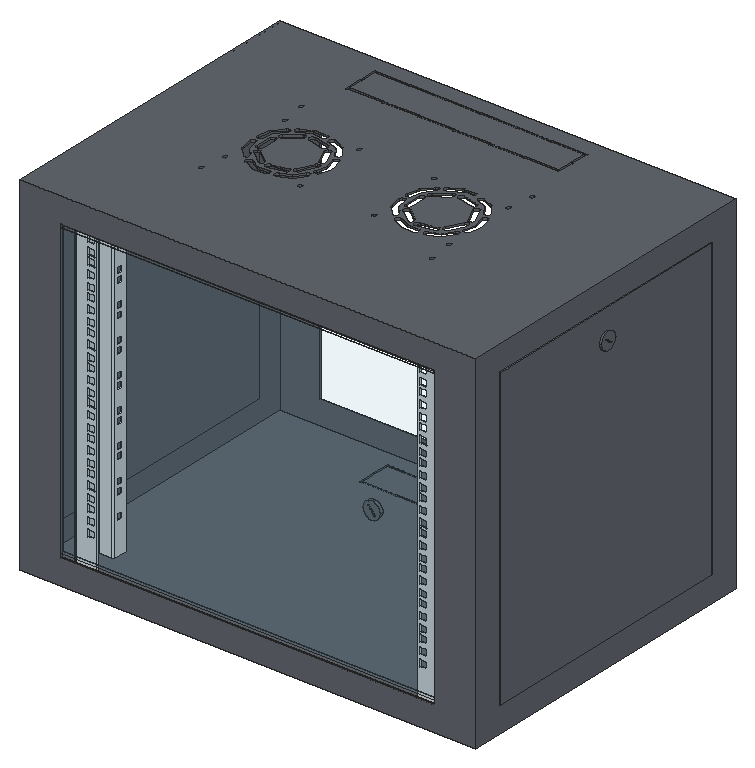
Revit family "Pivoting wallmount cabinets Legrand Linkeo with removable side panels", category Equipement spécialisé, Revit 2020
Family settings
  Cote de connecteur circulaire = Utiliser le diamètre
  Type d'élément = Normal
  Numéro OmniClass = 23.80.30.11.17
  Titre OmniClass = Distribution Boards and Control Panels
  Basée sur le plan de construction = Non
  Toujours verticalement = Oui
  Couper avec des vides une fois chargée = Non
  Partagée = Oui
  Point de calcul de pièce = Non
Parameters (values of type "Pivoting wallmount cabinet Legrand Linkeo 9U W600 D610 646221.rfa")
  With sidewall = yes
  With roof plate = yes
  With earthing = yes
  Usable width (mm) = 527.00 mm
  Usable height (mm) = 422.00 mm
  Type of ventilation = "Passive"
  Type of surface = "Powder coating"
  Type of profile rail = "L-shaped"
  Rack location = 40.00 mm
  RAL Number = "7016"
  Number of height units = 9
  Number of doors = "1"
  Mounting level = "Front side"
  Modular spacing = "482.6 mm (19 inches)"
  Model = "With swing frame"
  Max load capacity = "27"
  Material = "Steel"
  Legrand part number = "646221"
  Function = "Pivoting wallmount cabinets Legrand Linkeo"
  Fabricant = "Legrand"  # constant formula
  E-catalogue link = "https://www.legrand.fr/reference/646221/pro"
  Depth of the model (mm) = 458.00 mm
  Depth (mm) = 615.00 mm
  Width (mm) = 642.00 mm
  Height (mm) = 492.00 mm
  Thickness (mm) = 1.50 mm
  Elévation par défaut = 0.00 mm
  EAN = "3414970967893"
  Demountable = yes
  Degree of protection IP = "IP20"
  Degree of protection IK = "IK08"
  Color = grey
  Capacity = 9
  BIM wording = "Pivoting wallmount cabinet Legrand Linkeo 9U W600 D610 646221.rfa"
  Avec porte frontale = yes
  Application class = "Network cabinets"
Reference planes
  plane 1 "Centre (avant/arrière)": y = 4
  plane 2: z = 0
  plane 3 "Centre (gauche/droite)": x = 0
  plane 4: x = 642
  plane 5: z = 492
  plane 6: y = -454
  plane 7: x = 57.5
  plane 8: x = 584.5
  plane 9: x = 321
  plane 10: z = 457
  plane 11: z = 35
  plane 12: z = 246
  plane 13: y = -452
  plane 14: x = 321
  plane 15: y = -444.5
  plane 16: y = 455.094
  plane 17: x = 1428.928
  plane 18: z = -485.313
  plane 19: x = 2466.566
  plane 20: z = 246
  plane 21: x = 302.5
  plane 22: z = 51
  plane 23: x = 521
  plane 24: x = 121
  plane 25: x = 321
  plane 26: y = -414
  plane 27: x = 528
  plane 28: y = -412.5
  plane 29: x = 559.5
  plane 30: x = 561
  plane 31: y = -373.5
  plane 32: y = -372
  plane 33: x = 537.5
  plane 34: x = 539
  plane 35: y = -352
  plane 36: z = 46.65
  plane 37: z = 56.15
  plane 38: x = 531.5
  plane 39: x = 541
  plane 40: z = 78.4
  plane 41: z = 87.9
  plane 42: y = -358.486
  plane 43: y = -367.986
  plane 44: z = 72.03
  plane 45: z = 62.53
  plane 46: x = 77
  plane 47: y = -412.5
  plane 48: y = -373.5
  plane 49: y = -372
  plane 50: x = 67.5
  plane 51: x = 66
  plane 52: y = -352
  plane 53: z = 40
  plane 54: z = 457
  plane 55: z = 246
  plane 56: y = -454
  plane 57: y = -36
  plane 58: z = 35
  plane 59: y = -414
  plane 60 "Panneaux gauche": y = -410.5
  plane 61 "Panneaux droit": y = -39.5
  plane 62 "Panneaux haut": z = 455
  plane 63: z = 415
  plane 64: z = 415
  plane 65: y = -225
  plane 66: y = -225
  plane 67: y = -221
  plane 68: z = 0
  plane 69: y = 161
Forms (mm)
  Extrusion 1, solid, material "grey" <- "Color"
    sketch origin (0, 0, 0) x (0, 1, 0) y (0, 0, 1)
      loop
        line (-454, 0) -> (4, 0) -> (4, 492) -> (-454, 492) -> (-454, 0)
    from 0 to 642
  Extrusion 2, void
    sketch origin (0, 4, 0) x (1, 0, 0) y (0, 0, 1)
      loop
        line (2, 490) -> (2, 2) -> (640, 2) -> (640, 490) -> (2, 490)
    from 2 to 456
  Extrusion 3, void
    sketch origin (0, 4, 0) x (1, 0, 0) y (0, 0, 1)
      loop
        line (57.5, 457) -> (57.5, 35) -> (584.5, 35) -> (584.5, 457) -> (57.5, 457)
    from 0 to 458
  Extrusion 4, solid, material "Verre"
    sketch origin (0, 4, 0) x (1, 0, 0) y (0, 0, 1)
      loop
        line (57.5, 40) -> (584.5, 40) -> (584.5, 452) -> (57.5, 452) -> (57.5, 40)
    from 453 to 458
  Extrusion 5, void
    sketch origin (-365.695, -1524, 492) x (0, -1, 0) y (-1, 0, 0)
      loop
        line (-1350.513, -534.853) -> (-1358.354, -549.371)
        arc (-1358.354, -549.371) -> (-1358.749, -550.408) -> (-1358.863, -551.511) r 4.25
        line (-1358.863, -551.511) -> (-1358.394, -568.003)
        arc (-1358.394, -568.003) -> (-1354.026, -572.132) -> (-1349.897, -567.763) r 4.25
        line (-1349.897, -567.763) -> (-1350.334, -552.408) -> (-1343.033, -538.89)
        arc (-1343.033, -538.89) -> (-1344.755, -533.132) -> (-1350.513, -534.853) r 4.25
      loop
        line (-1354.904, -582.413) -> (-1348.443, -597.593)
        arc (-1348.443, -597.593) -> (-1347.879, -598.55) -> (-1347.086, -599.327) r 4.25
        line (-1347.086, -599.327) -> (-1333.9, -609.243)
        arc (-1333.9, -609.243) -> (-1327.948, -608.402) -> (-1328.79, -602.45) r 4.25
        line (-1328.79, -602.45) -> (-1341.067, -593.218) -> (-1347.082, -579.087)
        arc (-1347.082, -579.087) -> (-1352.657, -576.837) -> (-1354.904, -582.413) r 4.25
      loop
        line (-1346.169, -561.222) -> (-1341.018, -583.429)
        arc (-1341.018, -583.429) -> (-1335.919, -586.613) -> (-1332.738, -581.512) r 4.25
        line (-1332.738, -581.512) -> (-1337.889, -559.301)
        arc (-1337.889, -559.301) -> (-1342.989, -556.121) -> (-1346.169, -561.222) r 4.25
      loop
        line (-1331.58, -595.457) -> (-1311.006, -605.276)
        arc (-1311.006, -605.276) -> (-1305.336, -603.272) -> (-1307.347, -597.604) r 4.25
        line (-1307.347, -597.604) -> (-1327.918, -587.786)
        arc (-1327.918, -587.786) -> (-1333.585, -589.791) -> (-1331.58, -595.457) r 4.25
      loop
        line (-1303.383, -611.418) -> (-1318.185, -607.309)
        arc (-1318.185, -607.309) -> (-1323.416, -610.266) -> (-1320.461, -615.498) r 4.25
        line (-1320.461, -615.498) -> (-1304.557, -619.913)
        arc (-1304.557, -619.913) -> (-1303.461, -620.067) -> (-1302.362, -619.933) r 4.25
        line (-1302.362, -619.933) -> (-1286.384, -615.805)
        arc (-1286.384, -615.805) -> (-1283.332, -610.627) -> (-1288.51, -607.575) r 4.25
        line (-1288.51, -607.575) -> (-1303.383, -611.418)
      loop
        line (-1295.717, -605.396) -> (-1275.215, -595.434)
        arc (-1275.215, -595.434) -> (-1273.245, -589.752) -> (-1278.93, -587.789) r 4.25
        line (-1278.93, -587.789) -> (-1299.432, -597.751)
        arc (-1299.432, -597.751) -> (-1301.397, -603.431) -> (-1295.717, -605.396) r 4.25
      loop
        line (-1258.363, -597.811) -> (-1251.63, -582.747)
        arc (-1251.63, -582.747) -> (-1253.777, -577.132) -> (-1259.391, -579.283) r 4.25
        line (-1259.391, -579.283) -> (-1265.658, -593.302) -> (-1278.099, -602.313)
        arc (-1278.099, -602.313) -> (-1279.048, -608.248) -> (-1273.113, -609.197) r 4.25
        line (-1273.113, -609.197) -> (-1259.754, -599.522)
        arc (-1259.754, -599.522) -> (-1258.946, -598.758) -> (-1258.363, -597.811) r 4.25
      loop
        line (-1265.586, -583.55) -> (-1260.592, -561.312)
        arc (-1260.592, -561.312) -> (-1263.806, -556.231) -> (-1268.885, -559.448) r 4.25
        line (-1268.885, -559.448) -> (-1273.88, -581.692)
        arc (-1273.88, -581.692) -> (-1270.662, -586.771) -> (-1265.586, -583.55) r 4.25
      loop
        line (-1256.301, -552.513) -> (-1257.013, -567.863)
        arc (-1257.013, -567.863) -> (-1252.962, -572.301) -> (-1248.522, -568.252) r 4.25
        line (-1248.522, -568.252) -> (-1247.757, -551.774)
        arc (-1247.757, -551.774) -> (-1247.85, -550.666) -> (-1248.227, -549.621) r 4.25
        line (-1248.227, -549.621) -> (-1255.806, -534.964)
        arc (-1255.806, -534.964) -> (-1261.536, -533.142) -> (-1263.354, -538.873) r 4.25
        line (-1263.354, -538.873) -> (-1256.301, -552.513)
      loop
        line (-1263.875, -546.382) -> (-1278.15, -528.609)
        arc (-1278.15, -528.609) -> (-1284.127, -527.949) -> (-1284.782, -533.927) r 4.25
        line (-1284.782, -533.927) -> (-1270.506, -551.699)
        arc (-1270.506, -551.699) -> (-1264.532, -552.357) -> (-1263.875, -546.382) r 4.25
      loop
        line (-1265.201, -523.497) -> (-1277.606, -512.626)
        arc (-1277.606, -512.626) -> (-1278.527, -512.009) -> (-1279.576, -511.652) r 4.25
        line (-1279.576, -511.652) -> (-1295.774, -508.436)
        arc (-1295.774, -508.436) -> (-1300.766, -511.785) -> (-1297.416, -516.776) r 4.25
        line (-1297.416, -516.776) -> (-1282.356, -519.766) -> (-1270.803, -529.89)
        arc (-1270.803, -529.89) -> (-1264.806, -529.494) -> (-1265.201, -523.497) r 4.25
      loop
        line (-1310.597, -508.634) -> (-1326.831, -511.555)
        arc (-1326.831, -511.555) -> (-1327.888, -511.892) -> (-1328.821, -512.492) r 4.25
        line (-1328.821, -512.492) -> (-1341.424, -523.142)
        arc (-1341.424, -523.142) -> (-1341.927, -529.131) -> (-1335.938, -529.634) r 4.25
        line (-1335.938, -529.634) -> (-1324.205, -519.719) -> (-1309.084, -516.998)
        arc (-1309.084, -516.998) -> (-1305.657, -512.059) -> (-1310.597, -508.634) r 4.25
      loop
        line (-1291.875, -521.865) -> (-1314.672, -521.944)
        arc (-1314.672, -521.944) -> (-1318.91, -526.21) -> (-1314.64, -530.444) r 4.25
        line (-1314.64, -530.444) -> (-1291.846, -530.365)
        arc (-1291.846, -530.365) -> (-1287.611, -526.1) -> (-1291.875, -521.865) r 4.25
      loop
        line (-1328.501, -528.473) -> (-1342.652, -546.345)
        arc (-1342.652, -546.345) -> (-1341.958, -552.316) -> (-1335.988, -551.622) r 4.25
        line (-1335.988, -551.622) -> (-1321.835, -533.747)
        arc (-1321.835, -533.747) -> (-1322.53, -527.775) -> (-1328.501, -528.473) r 4.25
      loop
        line (-1248.227, -759.621) -> (-1255.806, -744.964)
        arc (-1255.806, -744.964) -> (-1261.535, -743.142) -> (-1263.354, -748.873) r 4.25
        line (-1263.354, -748.873) -> (-1256.301, -762.513) -> (-1257.013, -777.862)
        arc (-1257.013, -777.862) -> (-1252.962, -782.301) -> (-1248.522, -778.252) r 4.25
        line (-1248.522, -778.252) -> (-1247.757, -761.774)
        arc (-1247.757, -761.774) -> (-1247.85, -760.666) -> (-1248.227, -759.621) r 4.25
      loop
        line (-1258.363, -807.811) -> (-1251.63, -792.747)
        arc (-1251.63, -792.747) -> (-1253.777, -787.132) -> (-1259.391, -789.283) r 4.25
        line (-1259.391, -789.283) -> (-1265.658, -803.302) -> (-1278.099, -812.313)
        arc (-1278.099, -812.313) -> (-1279.048, -818.248) -> (-1273.113, -819.197) r 4.25
        line (-1273.113, -819.197) -> (-1259.75, -809.519)
        arc (-1259.75, -809.519) -> (-1258.944, -808.756) -> (-1258.363, -807.811) r 4.25
      loop
        line (-1288.506, -817.574) -> (-1303.383, -821.418) -> (-1318.185, -817.309)
        arc (-1318.185, -817.309) -> (-1323.416, -820.264) -> (-1320.464, -825.498) r 4.25
        line (-1320.464, -825.498) -> (-1304.567, -829.911)
        arc (-1304.567, -829.911) -> (-1303.467, -830.067) -> (-1302.365, -829.934) r 4.25
        line (-1302.365, -829.934) -> (-1286.38, -825.804)
        arc (-1286.38, -825.804) -> (-1283.332, -820.627) -> (-1288.506, -817.574) r 4.25
      loop
        line (-1328.79, -812.45) -> (-1341.067, -803.218) -> (-1347.082, -789.087)
        arc (-1347.082, -789.087) -> (-1352.657, -786.837) -> (-1354.904, -792.413) r 4.25
        line (-1354.904, -792.413) -> (-1348.442, -807.595)
        arc (-1348.442, -807.595) -> (-1347.878, -808.55) -> (-1347.086, -809.327) r 4.25
        line (-1347.086, -809.327) -> (-1333.898, -819.244)
        arc (-1333.898, -819.244) -> (-1327.947, -818.401) -> (-1328.79, -812.45) r 4.25
      loop
        line (-1353.399, -777.863) -> (-1353.663, -768.573) -> (-1343.034, -748.892)
        arc (-1343.034, -748.892) -> (-1344.753, -743.134) -> (-1350.511, -744.85) r 4.25
        line (-1350.511, -744.85) -> (-1358.355, -759.373)
        arc (-1358.355, -759.373) -> (-1358.749, -760.409) -> (-1358.863, -761.511) r 4.25
        line (-1358.863, -761.511) -> (-1358.394, -778.002)
        arc (-1358.394, -778.002) -> (-1355.827, -780.431) -> (-1353.399, -777.863) r 2.498
      loop
        line (-1335.935, -739.632) -> (-1324.205, -729.719) -> (-1309.086, -726.999)
        arc (-1309.086, -726.999) -> (-1305.656, -722.064) -> (-1310.589, -718.632) r 4.25
        line (-1310.589, -718.632) -> (-1326.828, -721.554)
        arc (-1326.828, -721.554) -> (-1327.886, -721.891) -> (-1328.821, -722.492) r 4.25
        line (-1328.821, -722.492) -> (-1341.422, -733.14)
        arc (-1341.422, -733.14) -> (-1341.927, -739.131) -> (-1335.935, -739.632) r 4.25
      loop
        line (-1297.423, -726.774) -> (-1282.356, -729.766) -> (-1270.8, -739.892)
        arc (-1270.8, -739.892) -> (-1264.805, -739.493) -> (-1265.201, -733.497) r 4.25
        line (-1265.201, -733.497) -> (-1277.608, -722.625)
        arc (-1277.608, -722.625) -> (-1278.53, -722.008) -> (-1279.581, -721.651) r 4.25
        line (-1279.581, -721.651) -> (-1295.768, -718.437)
        arc (-1295.768, -718.437) -> (-1300.764, -721.778) -> (-1297.423, -726.774) r 4.25
      loop
        line (-1284.782, -743.927) -> (-1270.506, -761.7)
        arc (-1270.506, -761.7) -> (-1264.532, -762.357) -> (-1263.875, -756.382) r 4.25
        line (-1263.875, -756.382) -> (-1278.152, -738.607)
        arc (-1278.152, -738.607) -> (-1284.128, -737.95) -> (-1284.782, -743.927) r 4.25
      loop
        line (-1268.885, -769.449) -> (-1273.88, -791.692)
        arc (-1273.88, -791.692) -> (-1270.662, -796.771) -> (-1265.586, -793.55) r 4.25
        line (-1265.586, -793.55) -> (-1260.591, -771.312)
        arc (-1260.591, -771.312) -> (-1263.806, -766.231) -> (-1268.885, -769.449) r 4.25
      loop
        line (-1278.93, -797.789) -> (-1299.438, -807.754)
        arc (-1299.438, -807.754) -> (-1301.396, -813.434) -> (-1295.717, -815.396) r 4.25
        line (-1295.717, -815.396) -> (-1275.21, -805.432)
        arc (-1275.21, -805.432) -> (-1273.246, -799.749) -> (-1278.93, -797.789) r 4.25
      loop
        line (-1291.875, -731.865) -> (-1314.671, -731.944)
        arc (-1314.671, -731.944) -> (-1318.91, -736.209) -> (-1314.641, -740.444) r 4.25
        line (-1314.641, -740.444) -> (-1291.846, -740.365)
        arc (-1291.846, -740.365) -> (-1287.611, -736.1) -> (-1291.875, -731.865) r 4.25
      loop
        line (-1328.502, -738.474) -> (-1342.652, -756.345)
        arc (-1342.652, -756.345) -> (-1341.958, -762.316) -> (-1335.988, -761.622) r 4.25
        line (-1335.988, -761.622) -> (-1321.835, -743.746)
        arc (-1321.835, -743.746) -> (-1322.531, -737.775) -> (-1328.502, -738.474) r 4.25
      loop
        line (-1346.169, -771.222) -> (-1341.019, -793.428)
        arc (-1341.019, -793.428) -> (-1335.92, -796.613) -> (-1332.738, -791.512) r 4.25
        line (-1332.738, -791.512) -> (-1337.889, -769.301)
        arc (-1337.889, -769.301) -> (-1342.989, -766.121) -> (-1346.169, -771.222) r 4.25
      loop
        line (-1331.58, -805.457) -> (-1311.005, -815.277)
        arc (-1311.005, -815.277) -> (-1305.337, -813.274) -> (-1307.342, -807.607) r 4.25
        line (-1307.342, -807.607) -> (-1327.912, -797.789)
        arc (-1327.912, -797.789) -> (-1333.583, -799.788) -> (-1331.58, -805.457) r 4.25
      loop
        circle (-1391.328, -505.695) r 2.75
      loop
        circle (-1355.83, -510.693) r 2.75
      loop
        circle (-1250.829, -510.693) r 2.75
      loop
        circle (-1215.328, -505.695) r 2.75
      loop
        circle (-1250.828, -615.695) r 2.75
      loop
        circle (-1355.828, -615.695) r 2.75
      loop
        circle (-1355.83, -720.693) r 2.75
      loop
        circle (-1250.828, -720.695) r 2.75
      loop
        circle (-1250.828, -825.695) r 2.75
      loop
        circle (-1215.328, -830.695) r 2.75
      loop
        circle (-1355.828, -825.695) r 2.75
      loop
        circle (-1391.328, -830.695) r 2.75
    from 0 to 2
  Extrusion 6, void
    sketch origin (0, 4, 492) x (1, 0, 0) y (0, -1, 0)
      loop
        line (152.5, 24) -> (201.75, 24) -> (201.75, 27) -> (155.5, 27) -> (155.5, 48.25) -> (152.5, 48.25) -> (152.5, 24)
      loop
        line (452.5, 49.75) -> (452.5, 74) -> (403.25, 74) -> (403.25, 71) -> (449.5, 71) -> (449.5, 49.75) -> (452.5, 49.75)
      loop
        line (403.25, 24) -> (452.5, 24) -> (452.5, 48.25) -> (449.5, 48.25) -> (449.5, 27) -> (403.25, 27) -> (403.25, 24)
      loop
        line (203.25, 71) -> (251.75, 71) -> (251.75, 74) -> (203.25, 74) -> (203.25, 71)
      loop
        line (152.5, 49.75) -> (155.5, 49.75) -> (155.5, 71) -> (201.75, 71) -> (201.75, 74) -> (152.5, 74) -> (152.5, 49.75)
      loop
        line (253.25, 74) -> (253.25, 71) -> (301.75, 71) -> (301.75, 74) -> (253.25, 74)
      loop
        line (351.75, 71) -> (351.75, 74) -> (303.25, 74) -> (303.25, 71) -> (351.75, 71)
      loop
        line (353.25, 74) -> (353.25, 71) -> (401.75, 71) -> (401.75, 74) -> (353.25, 74)
      loop
        line (351.75, 27) -> (303.25, 27) -> (303.25, 24) -> (351.75, 24) -> (351.75, 27)
      loop
        line (353.25, 27) -> (353.25, 24) -> (401.75, 24) -> (401.75, 27) -> (353.25, 27)
      loop
        line (251.75, 27) -> (203.25, 27) -> (203.25, 24) -> (251.75, 24) -> (251.75, 27)
      loop
        line (253.25, 27) -> (253.25, 24) -> (301.75, 24) -> (301.75, 27) -> (253.25, 27)
    from 0 to 2
  Extrusion 7, void
    sketch origin (0, -150, 0) x (1, 0, 0) y (0, 1, 0)
      loop
        line (171, 130) -> (171, 105.75) -> (174, 105.75) -> (174, 127) -> (220.25, 127) -> (220.25, 130) -> (171, 130)
      loop
        line (471, 104.25) -> (468, 104.25) -> (468, 83) -> (421.75, 83) -> (421.75, 80) -> (471, 80) -> (471, 104.25)
      loop
        line (421.75, 130) -> (421.75, 127) -> (468, 127) -> (468, 105.75) -> (471, 105.75) -> (471, 130) -> (421.75, 130)
      loop
        line (221.75, 83) -> (221.75, 80) -> (270.25, 80) -> (270.25, 83) -> (221.75, 83)
      loop
        line (171, 104.25) -> (171, 80) -> (220.25, 80) -> (220.25, 83) -> (174, 83) -> (174, 104.25) -> (171, 104.25)
      loop
        line (271.75, 80) -> (320.25, 80) -> (320.25, 83) -> (271.75, 83) -> (271.75, 80)
      loop
        line (370.25, 83) -> (321.75, 83) -> (321.75, 80) -> (370.25, 80) -> (370.25, 83)
      loop
        line (371.75, 80) -> (420.25, 80) -> (420.25, 83) -> (371.75, 83) -> (371.75, 80)
      loop
        line (370.25, 127) -> (370.25, 130) -> (321.75, 130) -> (321.75, 127) -> (370.25, 127)
      loop
        line (371.75, 127) -> (420.25, 127) -> (420.25, 130) -> (371.75, 130) -> (371.75, 127)
      loop
        line (270.25, 127) -> (270.25, 130) -> (221.75, 130) -> (221.75, 127) -> (270.25, 127)
      loop
        line (271.75, 127) -> (320.25, 127) -> (320.25, 130) -> (271.75, 130) -> (271.75, 127)
    from 0 to 2
  Extrusion 8, solid
    sketch origin (640, 4, 2) x (-1, 0, 0) y (0, -1, 0)
      loop
        line (112, 416.5) -> (112, 418) -> (82, 418)
        arc (82, 418) -> (79.879, 417.121) -> (79, 415) r 3
        line (79, 415) -> (79, 379)
        arc (79, 379) -> (79.879, 376.879) -> (82, 376) r 3
        line (82, 376) -> (99.5, 376)
        arc (99.5, 376) -> (100.561, 375.561) -> (101, 374.5) r 1.5
        line (101, 374.5) -> (101, 356) -> (102.5, 356) -> (102.5, 374.5)
        arc (102.5, 374.5) -> (101.621, 376.621) -> (99.5, 377.5) r 3
        line (99.5, 377.5) -> (82, 377.5)
        arc (82, 377.5) -> (80.939, 377.939) -> (80.5, 379) r 1.5
        line (80.5, 379) -> (80.5, 415)
        arc (80.5, 415) -> (80.939, 416.061) -> (82, 416.5) r 1.5
        line (82, 416.5) -> (112, 416.5)
    from 0 to 488
  Extrusion 9, void
    sketch origin (528, -414, 2) x (-1, 0, 0) y (0, 0, 1)
      loop
        line (-3.5, 44.65) -> (-3.5, 54.15) -> (-13, 54.15) -> (-13, 44.65) -> (-3.5, 44.65)
      loop
        line (-3.5, 76.4) -> (-3.5, 85.9) -> (-13, 85.9) -> (-13, 76.4) -> (-3.5, 76.4)
    from 0 to 1.5
  Extrusion 10, void
    sketch origin (528, -414, 2) x (-1, 0, 0) y (0, 0, 1)
      loop
        line (-3.5, 60.53) -> (-3.5, 70.03) -> (-13, 70.03) -> (-13, 60.53) -> (-3.5, 60.53)
    from 0 to 1.5
  Extrusion 11, solid
    sketch origin (50.243, 4, 2) x (1, 0, 0) y (0, 1, 0)
      loop
        line (26.757, -416.5) -> (-3.243, -416.5)
        arc (-3.243, -416.5) -> (-4.303, -416.061) -> (-4.743, -415) r 1.5
        line (-4.743, -415) -> (-4.743, -379)
        arc (-4.743, -379) -> (-4.303, -377.939) -> (-3.243, -377.5) r 1.5
        line (-3.243, -377.5) -> (14.257, -377.5)
        arc (14.257, -377.5) -> (16.379, -376.621) -> (17.257, -374.5) r 3
        line (17.257, -374.5) -> (17.257, -356) -> (15.757, -356) -> (15.757, -374.5)
        arc (15.757, -374.5) -> (15.318, -375.561) -> (14.257, -376) r 1.5
        line (14.257, -376) -> (-3.243, -376)
        arc (-3.243, -376) -> (-5.364, -376.879) -> (-6.243, -379) r 3
        line (-6.243, -379) -> (-6.243, -415)
        arc (-6.243, -415) -> (-5.364, -417.121) -> (-3.243, -418) r 3
        line (-3.243, -418) -> (26.757, -418) -> (26.757, -416.5)
    from 0 to 488
  Extrusion 12, void
    sketch origin (60.5, -414, 2) x (-1, 0, 0) y (0, 0, 1)
      loop
        line (-3.5, 44.65) -> (-3.5, 54.15) -> (-13, 54.15) -> (-13, 44.65) -> (-3.5, 44.65)
      loop
        line (-3.5, 76.4) -> (-3.5, 85.9) -> (-13, 85.9) -> (-13, 76.4) -> (-3.5, 76.4)
    from 0 to 1.5
  Extrusion 13, void
    sketch origin (60.5, -414, 2) x (-1, 0, 0) y (0, 0, 1)
      loop
        line (-3.5, 60.53) -> (-3.5, 70.03) -> (-13, 70.03) -> (-13, 60.53) -> (-3.5, 60.53)
    from 0 to 1.5
  Extrusion 14, void, not visible
    sketch origin (528, -414, 2) x (-1, 0, 0) y (0, 0, 1)
      loop
        line (-3.5, 44.65) -> (-3.5, 54.15) -> (-13, 54.15) -> (-13, 44.65) -> (-3.5, 44.65)
      loop
        line (-3.5, 76.4) -> (-3.5, 85.9) -> (-13, 85.9) -> (-13, 76.4) -> (-3.5, 76.4)
    from 0 to 1.5
  Extrusion 15, void, not visible
    sketch origin (528, -414, 2) x (-1, 0, 0) y (0, 0, 1)
      loop
        line (-3.5, 60.53) -> (-3.5, 70.03) -> (-13, 70.03) -> (-13, 60.53) -> (-3.5, 60.53)
    from 0 to 1.5
  Extrusion 16, void
    sketch origin (528, -414, 46.45) x (-1, 0, 0) y (0, 0, 1)
      loop
        line (-3.5, 44.65) -> (-3.5, 54.15) -> (-13, 54.15) -> (-13, 44.65) -> (-3.5, 44.65)
      loop
        line (-3.5, 76.4) -> (-3.5, 85.9) -> (-13, 85.9) -> (-13, 76.4) -> (-3.5, 76.4)
    from 0 to 1.5
  Extrusion 17, void
    sketch origin (528, -414, 46.45) x (-1, 0, 0) y (0, 0, 1)
      loop
        line (-3.5, 60.53) -> (-3.5, 70.03) -> (-13, 70.03) -> (-13, 60.53) -> (-3.5, 60.53)
    from 0 to 1.5
  Extrusion 18, void
    sketch origin (60.5, -414, 46.45) x (-1, 0, 0) y (0, 0, 1)
      loop
        line (-3.5, 44.65) -> (-3.5, 54.15) -> (-13, 54.15) -> (-13, 44.65) -> (-3.5, 44.65)
      loop
        line (-3.5, 76.4) -> (-3.5, 85.9) -> (-13, 85.9) -> (-13, 76.4) -> (-3.5, 76.4)
    from 0 to 1.5
  Extrusion 19, void
    sketch origin (60.5, -414, 46.45) x (-1, 0, 0) y (0, 0, 1)
      loop
        line (-3.5, 60.53) -> (-3.5, 70.03) -> (-13, 70.03) -> (-13, 60.53) -> (-3.5, 60.53)
    from 0 to 1.5
  Extrusion 20, void
    sketch origin (528, -414, 90.9) x (-1, 0, 0) y (0, 0, 1)
      loop
        line (-3.5, 44.65) -> (-3.5, 54.15) -> (-13, 54.15) -> (-13, 44.65) -> (-3.5, 44.65)
      loop
        line (-3.5, 76.4) -> (-3.5, 85.9) -> (-13, 85.9) -> (-13, 76.4) -> (-3.5, 76.4)
    from 0 to 1.5
  Extrusion 21, void
    sketch origin (528, -414, 90.9) x (-1, 0, 0) y (0, 0, 1)
      loop
        line (-3.5, 60.53) -> (-3.5, 70.03) -> (-13, 70.03) -> (-13, 60.53) -> (-3.5, 60.53)
    from 0 to 1.5
  Extrusion 22, void
    sketch origin (60.5, -414, 90.9) x (-1, 0, 0) y (0, 0, 1)
      loop
        line (-3.5, 44.65) -> (-3.5, 54.15) -> (-13, 54.15) -> (-13, 44.65) -> (-3.5, 44.65)
      loop
        line (-3.5, 76.4) -> (-3.5, 85.9) -> (-13, 85.9) -> (-13, 76.4) -> (-3.5, 76.4)
    from 0 to 1.5
  Extrusion 23, void
    sketch origin (60.5, -414, 90.9) x (-1, 0, 0) y (0, 0, 1)
      loop
        line (-3.5, 60.53) -> (-3.5, 70.03) -> (-13, 70.03) -> (-13, 60.53) -> (-3.5, 60.53)
    from 0 to 1.5
  Extrusion 24, void
    sketch origin (528, -414, 135.35) x (-1, 0, 0) y (0, 0, 1)
      loop
        line (-3.5, 44.65) -> (-3.5, 54.15) -> (-13, 54.15) -> (-13, 44.65) -> (-3.5, 44.65)
      loop
        line (-3.5, 76.4) -> (-3.5, 85.9) -> (-13, 85.9) -> (-13, 76.4) -> (-3.5, 76.4)
    from 0 to 1.5
  Extrusion 25, void
    sketch origin (528, -414, 135.35) x (-1, 0, 0) y (0, 0, 1)
      loop
        line (-3.5, 60.53) -> (-3.5, 70.03) -> (-13, 70.03) -> (-13, 60.53) -> (-3.5, 60.53)
    from 0 to 1.5
  Extrusion 26, void
    sketch origin (60.5, -414, 135.35) x (-1, 0, 0) y (0, 0, 1)
      loop
        line (-3.5, 44.65) -> (-3.5, 54.15) -> (-13, 54.15) -> (-13, 44.65) -> (-3.5, 44.65)
      loop
        line (-3.5, 76.4) -> (-3.5, 85.9) -> (-13, 85.9) -> (-13, 76.4) -> (-3.5, 76.4)
    from 0 to 1.5
  Extrusion 27, void
    sketch origin (60.5, -414, 135.35) x (-1, 0, 0) y (0, 0, 1)
      loop
        line (-3.5, 60.53) -> (-3.5, 70.03) -> (-13, 70.03) -> (-13, 60.53) -> (-3.5, 60.53)
    from 0 to 1.5
  Extrusion 28, void
    sketch origin (528, -414, 179.8) x (-1, 0, 0) y (0, 0, 1)
      loop
        line (-3.5, 44.65) -> (-3.5, 54.15) -> (-13, 54.15) -> (-13, 44.65) -> (-3.5, 44.65)
      loop
        line (-3.5, 76.4) -> (-3.5, 85.9) -> (-13, 85.9) -> (-13, 76.4) -> (-3.5, 76.4)
    from 0 to 1.5
  Extrusion 29, void
    sketch origin (528, -414, 179.8) x (-1, 0, 0) y (0, 0, 1)
      loop
        line (-3.5, 60.53) -> (-3.5, 70.03) -> (-13, 70.03) -> (-13, 60.53) -> (-3.5, 60.53)
    from 0 to 1.5
  Extrusion 30, void
    sketch origin (60.5, -414, 179.8) x (-1, 0, 0) y (0, 0, 1)
      loop
        line (-3.5, 44.65) -> (-3.5, 54.15) -> (-13, 54.15) -> (-13, 44.65) -> (-3.5, 44.65)
      loop
        line (-3.5, 76.4) -> (-3.5, 85.9) -> (-13, 85.9) -> (-13, 76.4) -> (-3.5, 76.4)
    from 0 to 1.5
  Extrusion 31, void
    sketch origin (60.5, -414, 179.8) x (-1, 0, 0) y (0, 0, 1)
      loop
        line (-3.5, 60.53) -> (-3.5, 70.03) -> (-13, 70.03) -> (-13, 60.53) -> (-3.5, 60.53)
    from 0 to 1.5
  Extrusion 32, void
    sketch origin (528, -414, 224.25) x (-1, 0, 0) y (0, 0, 1)
      loop
        line (-3.5, 44.65) -> (-3.5, 54.15) -> (-13, 54.15) -> (-13, 44.65) -> (-3.5, 44.65)
      loop
        line (-3.5, 76.4) -> (-3.5, 85.9) -> (-13, 85.9) -> (-13, 76.4) -> (-3.5, 76.4)
    from 0 to 1.5
  Extrusion 33, void
    sketch origin (528, -414, 224.25) x (-1, 0, 0) y (0, 0, 1)
      loop
        line (-3.5, 60.53) -> (-3.5, 70.03) -> (-13, 70.03) -> (-13, 60.53) -> (-3.5, 60.53)
    from 0 to 1.5
  Extrusion 34, void
    sketch origin (60.5, -414, 224.25) x (-1, 0, 0) y (0, 0, 1)
      loop
        line (-3.5, 44.65) -> (-3.5, 54.15) -> (-13, 54.15) -> (-13, 44.65) -> (-3.5, 44.65)
      loop
        line (-3.5, 76.4) -> (-3.5, 85.9) -> (-13, 85.9) -> (-13, 76.4) -> (-3.5, 76.4)
    from 0 to 1.5
  Extrusion 35, void
    sketch origin (60.5, -414, 224.25) x (-1, 0, 0) y (0, 0, 1)
      loop
        line (-3.5, 60.53) -> (-3.5, 70.03) -> (-13, 70.03) -> (-13, 60.53) -> (-3.5, 60.53)
    from 0 to 1.5
  Extrusion 36, void
    sketch origin (0, 0, 0) x (0, 1, 0) y (0, 0, 1)
      loop
        line (-367.986, 87.9) -> (-367.986, 78.4) -> (-358.486, 78.4) -> (-358.486, 87.9) -> (-367.986, 87.9)
    from 539 to 66
  Extrusion 37, void
    sketch origin (0, 0, -31.75) x (0, 1, 0) y (0, 0, 1)
      loop
        line (-367.986, 87.9) -> (-367.986, 78.4) -> (-358.486, 78.4) -> (-358.486, 87.9) -> (-367.986, 87.9)
    from 539 to 66
  Extrusion 38, void
    sketch origin (0, 0, 44.45) x (0, 1, 0) y (0, 0, 1)
      loop
        line (-367.986, 87.9) -> (-367.986, 78.4) -> (-358.486, 78.4) -> (-358.486, 87.9) -> (-367.986, 87.9)
    from 539 to 66
  Extrusion 39, void
    sketch origin (0, 0, 12.7) x (0, 1, 0) y (0, 0, 1)
      loop
        line (-367.986, 87.9) -> (-367.986, 78.4) -> (-358.486, 78.4) -> (-358.486, 87.9) -> (-367.986, 87.9)
    from 539 to 66
  Extrusion 40, void
    sketch origin (0, 0, 88.9) x (0, 1, 0) y (0, 0, 1)
      loop
        line (-367.986, 87.9) -> (-367.986, 78.4) -> (-358.486, 78.4) -> (-358.486, 87.9) -> (-367.986, 87.9)
    from 539 to 66
  Extrusion 41, void
    sketch origin (0, 0, 57.15) x (0, 1, 0) y (0, 0, 1)
      loop
        line (-367.986, 87.9) -> (-367.986, 78.4) -> (-358.486, 78.4) -> (-358.486, 87.9) -> (-367.986, 87.9)
    from 539 to 66
  Extrusion 42, void
    sketch origin (0, 0, 133.35) x (0, 1, 0) y (0, 0, 1)
      loop
        line (-367.986, 87.9) -> (-367.986, 78.4) -> (-358.486, 78.4) -> (-358.486, 87.9) -> (-367.986, 87.9)
    from 539 to 66
  Extrusion 43, void
    sketch origin (0, 0, 101.6) x (0, 1, 0) y (0, 0, 1)
      loop
        line (-367.986, 87.9) -> (-367.986, 78.4) -> (-358.486, 78.4) -> (-358.486, 87.9) -> (-367.986, 87.9)
    from 539 to 66
  Extrusion 44, void
    sketch origin (0, 0, 177.8) x (0, 1, 0) y (0, 0, 1)
      loop
        line (-367.986, 87.9) -> (-367.986, 78.4) -> (-358.486, 78.4) -> (-358.486, 87.9) -> (-367.986, 87.9)
    from 539 to 66
  Extrusion 45, void
    sketch origin (0, 0, 146.05) x (0, 1, 0) y (0, 0, 1)
      loop
        line (-367.986, 87.9) -> (-367.986, 78.4) -> (-358.486, 78.4) -> (-358.486, 87.9) -> (-367.986, 87.9)
    from 539 to 66
  Extrusion 46, void
    sketch origin (0, 0, 222.25) x (0, 1, 0) y (0, 0, 1)
      loop
        line (-367.986, 87.9) -> (-367.986, 78.4) -> (-358.486, 78.4) -> (-358.486, 87.9) -> (-367.986, 87.9)
    from 539 to 66
  Extrusion 47, void
    sketch origin (0, 0, 190.5) x (0, 1, 0) y (0, 0, 1)
      loop
        line (-367.986, 87.9) -> (-367.986, 78.4) -> (-358.486, 78.4) -> (-358.486, 87.9) -> (-367.986, 87.9)
    from 539 to 66
  Extrusion 48, solid, material "grey" <- "Color"
    sketch origin (-146.117, -446.068, -225.529) x (1, 0, 0) y (0, 0, 1)
      loop
        circle (638.746, 471.529) r 12
    from 0 to 4
  Extrusion 49, void
    sketch origin (-145.497, -450.068, -225.694) x (-1, 0, 0) y (0, 0, 1)
      loop
        line (-631.856, 476.03) -> (-633.789, 477.963) -> (-644.395, 467.357) -> (-642.463, 465.424) -> (-631.856, 476.03)
    from 0 to 2
  Extrusion 50, solid, material "grey" <- "Color", not visible
    sketch origin (50.552, -446.068, -159.029) x (1, 0, 0) y (0, 0, 1)
      loop
        circle (638.746, 471.529) r 12
    from 0 to 4
  Extrusion 51, void, not visible
    sketch origin (51.172, -450.068, -159.194) x (-1, 0, 0) y (0, 0, 1)
      loop
        line (-631.856, 476.03) -> (-633.789, 477.963) -> (-644.395, 467.357) -> (-642.463, 465.424) -> (-631.856, 476.03)
    from 0 to 2
  Extrusion 52, void
    sketch origin (0, 0, 0) x (0, 1, 0) y (0, 0, 1)
      loop
        line (-414, 35) -> (-36, 35) -> (-36, 457) -> (-414, 457) -> (-414, 35)
    from 0 to 642
  Extrusion 53, solid, material "grey" <- "Color"
    sketch origin (0, 0, 0) x (0, 1, 0) y (0, 0, 1)
      loop
        line (-410.5, 35) -> (-39.5, 35) -> (-39.5, 455) -> (-410.5, 455) -> (-410.5, 35)
    from 0 to 5
  Extrusion 54, solid, material "grey" <- "Color"
    sketch origin (642, -1989, -280.87) x (0, 0, -1) y (0, -1, 0)
      loop
        line (-315.87, -1578.5) -> (-735.87, -1578.5) -> (-735.87, -1949.5) -> (-315.87, -1949.5) -> (-315.87, -1578.5)
    from 0 to 5
  Extrusion 55, solid, material "grey" <- "Color", not visible
    sketch origin (0, 411.746, -178.488) x (0, -1, 0) y (0, 0, 1)
      loop
        circle (638.746, 471.529) r 12
    from 0 to 4
  Extrusion 56, void, not visible
    sketch origin (-4, 411.126, -178.653) x (0, 1, 0) y (0, 0, 1)
      loop
        line (-631.856, 476.03) -> (-633.789, 477.963) -> (-644.395, 467.357) -> (-642.463, 465.424) -> (-631.856, 476.03)
    from 0 to 2
  Extrusion 57, solid, material "grey" <- "Color"
    sketch origin (0, 413.746, -56.529) x (0, -1, 0) y (0, 0, 1)
      loop
        circle (638.746, 471.529) r 12
    from 0 to 4
  Extrusion 58, void
    sketch origin (-4, 413.126, -56.694) x (0, 1, 0) y (0, 0, 1)
      loop
        line (-631.856, 476.03) -> (-633.789, 477.963) -> (-644.395, 467.357) -> (-642.463, 465.424) -> (-631.856, 476.03)
    from 0 to 2
  Extrusion 59, solid, material "grey" <- "Color"
    sketch origin (642, -863.746, -56.529) x (0, 1, 0) y (0, 0, 1)
      loop
        circle (638.746, 471.529) r 12
    from 0 to 4
  Extrusion 60, void
    sketch origin (646, -863.126, -56.694) x (0, -1, 0) y (0, 0, 1)
      loop
        line (-631.856, 476.03) -> (-633.789, 477.963) -> (-644.395, 467.357) -> (-642.463, 465.424) -> (-631.856, 476.03)
    from 0 to 2
  Extrusion 61, solid, material "grey" <- "Color", not visible
    sketch origin (661, -865.746, -189.529) x (0, 1, 0) y (0, 0, 1)
      loop
        circle (638.746, 471.529) r 12
    from 0 to 4
  Extrusion 62, void, not visible
    sketch origin (665, -865.126, -189.694) x (0, -1, 0) y (0, 0, 1)
      loop
        line (-631.856, 476.03) -> (-633.789, 477.963) -> (-644.395, 467.357) -> (-642.463, 465.424) -> (-631.856, 476.03)
    from 0 to 2
  Extrusion 63, void, not visible
    sketch origin (-365.695, -1649.078, 625) x (0, -1, 0) y (-1, 0, 0)
      loop
        line (-1350.513, -534.853) -> (-1358.354, -549.371)
        arc (-1358.354, -549.371) -> (-1358.749, -550.408) -> (-1358.863, -551.511) r 4.25
        line (-1358.863, -551.511) -> (-1358.394, -568.003)
        arc (-1358.394, -568.003) -> (-1354.026, -572.132) -> (-1349.897, -567.763) r 4.25
        line (-1349.897, -567.763) -> (-1350.334, -552.408) -> (-1343.033, -538.89)
        arc (-1343.033, -538.89) -> (-1344.755, -533.132) -> (-1350.513, -534.853) r 4.25
      loop
        line (-1354.904, -582.413) -> (-1348.443, -597.593)
        arc (-1348.443, -597.593) -> (-1347.879, -598.55) -> (-1347.086, -599.327) r 4.25
        line (-1347.086, -599.327) -> (-1333.9, -609.243)
        arc (-1333.9, -609.243) -> (-1327.948, -608.402) -> (-1328.79, -602.45) r 4.25
        line (-1328.79, -602.45) -> (-1341.067, -593.218) -> (-1347.082, -579.087)
        arc (-1347.082, -579.087) -> (-1352.657, -576.837) -> (-1354.904, -582.413) r 4.25
      loop
        line (-1346.169, -561.222) -> (-1341.018, -583.429)
        arc (-1341.018, -583.429) -> (-1335.919, -586.613) -> (-1332.738, -581.512) r 4.25
        line (-1332.738, -581.512) -> (-1337.889, -559.301)
        arc (-1337.889, -559.301) -> (-1342.989, -556.121) -> (-1346.169, -561.222) r 4.25
      loop
        line (-1331.58, -595.457) -> (-1311.006, -605.276)
        arc (-1311.006, -605.276) -> (-1305.336, -603.272) -> (-1307.347, -597.604) r 4.25
        line (-1307.347, -597.604) -> (-1327.918, -587.786)
        arc (-1327.918, -587.786) -> (-1333.585, -589.791) -> (-1331.58, -595.457) r 4.25
      loop
        line (-1303.383, -611.418) -> (-1318.185, -607.309)
        arc (-1318.185, -607.309) -> (-1323.416, -610.266) -> (-1320.461, -615.498) r 4.25
        line (-1320.461, -615.498) -> (-1304.557, -619.913)
        arc (-1304.557, -619.913) -> (-1303.461, -620.067) -> (-1302.362, -619.933) r 4.25
        line (-1302.362, -619.933) -> (-1286.384, -615.805)
        arc (-1286.384, -615.805) -> (-1283.332, -610.627) -> (-1288.51, -607.575) r 4.25
        line (-1288.51, -607.575) -> (-1303.383, -611.418)
      loop
        line (-1295.717, -605.396) -> (-1275.215, -595.434)
        arc (-1275.215, -595.434) -> (-1273.245, -589.752) -> (-1278.93, -587.789) r 4.25
        line (-1278.93, -587.789) -> (-1299.432, -597.751)
        arc (-1299.432, -597.751) -> (-1301.397, -603.431) -> (-1295.717, -605.396) r 4.25
      loop
        line (-1258.363, -597.811) -> (-1251.63, -582.747)
        arc (-1251.63, -582.747) -> (-1253.777, -577.132) -> (-1259.391, -579.283) r 4.25
        line (-1259.391, -579.283) -> (-1265.658, -593.302) -> (-1278.099, -602.313)
        arc (-1278.099, -602.313) -> (-1279.048, -608.248) -> (-1273.113, -609.197) r 4.25
        line (-1273.113, -609.197) -> (-1259.754, -599.522)
        arc (-1259.754, -599.522) -> (-1258.946, -598.758) -> (-1258.363, -597.811) r 4.25
      loop
        line (-1265.586, -583.55) -> (-1260.592, -561.312)
        arc (-1260.592, -561.312) -> (-1263.806, -556.231) -> (-1268.885, -559.448) r 4.25
        line (-1268.885, -559.448) -> (-1273.88, -581.692)
        arc (-1273.88, -581.692) -> (-1270.662, -586.771) -> (-1265.586, -583.55) r 4.25
      loop
        line (-1256.301, -552.513) -> (-1257.013, -567.863)
        arc (-1257.013, -567.863) -> (-1252.962, -572.301) -> (-1248.522, -568.252) r 4.25
        line (-1248.522, -568.252) -> (-1247.757, -551.774)
        arc (-1247.757, -551.774) -> (-1247.85, -550.666) -> (-1248.227, -549.621) r 4.25
        line (-1248.227, -549.621) -> (-1255.806, -534.964)
        arc (-1255.806, -534.964) -> (-1261.536, -533.142) -> (-1263.354, -538.873) r 4.25
        line (-1263.354, -538.873) -> (-1256.301, -552.513)
      loop
        line (-1263.875, -546.382) -> (-1278.15, -528.609)
        arc (-1278.15, -528.609) -> (-1284.127, -527.949) -> (-1284.782, -533.927) r 4.25
        line (-1284.782, -533.927) -> (-1270.506, -551.699)
        arc (-1270.506, -551.699) -> (-1264.532, -552.357) -> (-1263.875, -546.382) r 4.25
      loop
        line (-1265.201, -523.497) -> (-1277.606, -512.626)
        arc (-1277.606, -512.626) -> (-1278.527, -512.009) -> (-1279.576, -511.652) r 4.25
        line (-1279.576, -511.652) -> (-1295.774, -508.436)
        arc (-1295.774, -508.436) -> (-1300.766, -511.785) -> (-1297.416, -516.776) r 4.25
        line (-1297.416, -516.776) -> (-1282.356, -519.766) -> (-1270.803, -529.89)
        arc (-1270.803, -529.89) -> (-1264.806, -529.494) -> (-1265.201, -523.497) r 4.25
      loop
        line (-1310.597, -508.634) -> (-1326.831, -511.555)
        arc (-1326.831, -511.555) -> (-1327.888, -511.892) -> (-1328.821, -512.492) r 4.25
        line (-1328.821, -512.492) -> (-1341.424, -523.142)
        arc (-1341.424, -523.142) -> (-1341.927, -529.131) -> (-1335.938, -529.634) r 4.25
        line (-1335.938, -529.634) -> (-1324.205, -519.719) -> (-1309.084, -516.998)
        arc (-1309.084, -516.998) -> (-1305.657, -512.059) -> (-1310.597, -508.634) r 4.25
      loop
        line (-1291.875, -521.865) -> (-1314.672, -521.944)
        arc (-1314.672, -521.944) -> (-1318.91, -526.21) -> (-1314.64, -530.444) r 4.25
        line (-1314.64, -530.444) -> (-1291.846, -530.365)
        arc (-1291.846, -530.365) -> (-1287.611, -526.1) -> (-1291.875, -521.865) r 4.25
      loop
        line (-1328.501, -528.473) -> (-1342.652, -546.345)
        arc (-1342.652, -546.345) -> (-1341.958, -552.316) -> (-1335.988, -551.622) r 4.25
        line (-1335.988, -551.622) -> (-1321.835, -533.747)
        arc (-1321.835, -533.747) -> (-1322.53, -527.775) -> (-1328.501, -528.473) r 4.25
      loop
        line (-1248.227, -759.621) -> (-1255.806, -744.964)
        arc (-1255.806, -744.964) -> (-1261.535, -743.142) -> (-1263.354, -748.873) r 4.25
        line (-1263.354, -748.873) -> (-1256.301, -762.513) -> (-1257.013, -777.862)
        arc (-1257.013, -777.862) -> (-1252.962, -782.301) -> (-1248.522, -778.252) r 4.25
        line (-1248.522, -778.252) -> (-1247.757, -761.774)
        arc (-1247.757, -761.774) -> (-1247.85, -760.666) -> (-1248.227, -759.621) r 4.25
      loop
        line (-1258.363, -807.811) -> (-1251.63, -792.747)
        arc (-1251.63, -792.747) -> (-1253.777, -787.132) -> (-1259.391, -789.283) r 4.25
        line (-1259.391, -789.283) -> (-1265.658, -803.302) -> (-1278.099, -812.313)
        arc (-1278.099, -812.313) -> (-1279.048, -818.248) -> (-1273.113, -819.197) r 4.25
        line (-1273.113, -819.197) -> (-1259.75, -809.519)
        arc (-1259.75, -809.519) -> (-1258.944, -808.756) -> (-1258.363, -807.811) r 4.25
      loop
        line (-1288.506, -817.574) -> (-1303.383, -821.418) -> (-1318.185, -817.309)
        arc (-1318.185, -817.309) -> (-1323.416, -820.264) -> (-1320.464, -825.498) r 4.25
        line (-1320.464, -825.498) -> (-1304.567, -829.911)
        arc (-1304.567, -829.911) -> (-1303.467, -830.067) -> (-1302.365, -829.934) r 4.25
        line (-1302.365, -829.934) -> (-1286.38, -825.804)
        arc (-1286.38, -825.804) -> (-1283.332, -820.627) -> (-1288.506, -817.574) r 4.25
      loop
        line (-1328.79, -812.45) -> (-1341.067, -803.218) -> (-1347.082, -789.087)
        arc (-1347.082, -789.087) -> (-1352.657, -786.837) -> (-1354.904, -792.413) r 4.25
        line (-1354.904, -792.413) -> (-1348.442, -807.595)
        arc (-1348.442, -807.595) -> (-1347.878, -808.55) -> (-1347.086, -809.327) r 4.25
        line (-1347.086, -809.327) -> (-1333.898, -819.244)
        arc (-1333.898, -819.244) -> (-1327.947, -818.401) -> (-1328.79, -812.45) r 4.25
      loop
        line (-1353.399, -777.863) -> (-1353.663, -768.573) -> (-1343.034, -748.892)
        arc (-1343.034, -748.892) -> (-1344.753, -743.134) -> (-1350.511, -744.85) r 4.25
        line (-1350.511, -744.85) -> (-1358.355, -759.373)
        arc (-1358.355, -759.373) -> (-1358.749, -760.409) -> (-1358.863, -761.511) r 4.25
        line (-1358.863, -761.511) -> (-1358.394, -778.002)
        arc (-1358.394, -778.002) -> (-1355.827, -780.431) -> (-1353.399, -777.863) r 2.498
      loop
        line (-1335.935, -739.632) -> (-1324.205, -729.719) -> (-1309.086, -726.999)
        arc (-1309.086, -726.999) -> (-1305.656, -722.064) -> (-1310.589, -718.632) r 4.25
        line (-1310.589, -718.632) -> (-1326.828, -721.554)
        arc (-1326.828, -721.554) -> (-1327.886, -721.891) -> (-1328.821, -722.492) r 4.25
        line (-1328.821, -722.492) -> (-1341.422, -733.14)
        arc (-1341.422, -733.14) -> (-1341.927, -739.131) -> (-1335.935, -739.632) r 4.25
      loop
        line (-1297.423, -726.774) -> (-1282.356, -729.766) -> (-1270.8, -739.892)
        arc (-1270.8, -739.892) -> (-1264.805, -739.493) -> (-1265.201, -733.497) r 4.25
        line (-1265.201, -733.497) -> (-1277.608, -722.625)
        arc (-1277.608, -722.625) -> (-1278.53, -722.008) -> (-1279.581, -721.651) r 4.25
        line (-1279.581, -721.651) -> (-1295.768, -718.437)
        arc (-1295.768, -718.437) -> (-1300.764, -721.778) -> (-1297.423, -726.774) r 4.25
      loop
        line (-1284.782, -743.927) -> (-1270.506, -761.7)
        arc (-1270.506, -761.7) -> (-1264.532, -762.357) -> (-1263.875, -756.382) r 4.25
        line (-1263.875, -756.382) -> (-1278.152, -738.607)
        arc (-1278.152, -738.607) -> (-1284.128, -737.95) -> (-1284.782, -743.927) r 4.25
      loop
        line (-1268.885, -769.449) -> (-1273.88, -791.692)
        arc (-1273.88, -791.692) -> (-1270.662, -796.771) -> (-1265.586, -793.55) r 4.25
        line (-1265.586, -793.55) -> (-1260.591, -771.312)
        arc (-1260.591, -771.312) -> (-1263.806, -766.231) -> (-1268.885, -769.449) r 4.25
      loop
        line (-1278.93, -797.789) -> (-1299.438, -807.754)
        arc (-1299.438, -807.754) -> (-1301.396, -813.434) -> (-1295.717, -815.396) r 4.25
        line (-1295.717, -815.396) -> (-1275.21, -805.432)
        arc (-1275.21, -805.432) -> (-1273.246, -799.749) -> (-1278.93, -797.789) r 4.25
      loop
        line (-1291.875, -731.865) -> (-1314.671, -731.944)
        arc (-1314.671, -731.944) -> (-1318.91, -736.209) -> (-1314.641, -740.444) r 4.25
        line (-1314.641, -740.444) -> (-1291.846, -740.365)
        arc (-1291.846, -740.365) -> (-1287.611, -736.1) -> (-1291.875, -731.865) r 4.25
      loop
        line (-1328.502, -738.474) -> (-1342.652, -756.345)
        arc (-1342.652, -756.345) -> (-1341.958, -762.316) -> (-1335.988, -761.622) r 4.25
        line (-1335.988, -761.622) -> (-1321.835, -743.746)
        arc (-1321.835, -743.746) -> (-1322.531, -737.775) -> (-1328.502, -738.474) r 4.25
      loop
        line (-1346.169, -771.222) -> (-1341.019, -793.428)
        arc (-1341.019, -793.428) -> (-1335.92, -796.613) -> (-1332.738, -791.512) r 4.25
        line (-1332.738, -791.512) -> (-1337.889, -769.301)
        arc (-1337.889, -769.301) -> (-1342.989, -766.121) -> (-1346.169, -771.222) r 4.25
      loop
        line (-1331.58, -805.457) -> (-1311.005, -815.277)
        arc (-1311.005, -815.277) -> (-1305.337, -813.274) -> (-1307.342, -807.607) r 4.25
        line (-1307.342, -807.607) -> (-1327.912, -797.789)
        arc (-1327.912, -797.789) -> (-1333.583, -799.788) -> (-1331.58, -805.457) r 4.25
      loop
        circle (-1391.328, -505.695) r 2.75
      loop
        circle (-1355.83, -510.693) r 2.75
      loop
        circle (-1250.829, -510.693) r 2.75
      loop
        circle (-1215.328, -505.695) r 2.75
      loop
        circle (-1250.828, -615.695) r 2.75
      loop
        circle (-1355.828, -615.695) r 2.75
      loop
        circle (-1355.83, -720.693) r 2.75
      loop
        circle (-1250.828, -720.695) r 2.75
      loop
        circle (-1250.828, -825.695) r 2.75
      loop
        circle (-1215.328, -830.695) r 2.75
      loop
        circle (-1355.828, -825.695) r 2.75
      loop
        circle (-1391.328, -830.695) r 2.75
    from 0 to 2
  Extrusion 64, void
    sketch origin (528, -414, 268.7) x (-1, 0, 0) y (0, 0, 1)
      loop
        line (-3.5, 44.65) -> (-3.5, 54.15) -> (-13, 54.15) -> (-13, 44.65) -> (-3.5, 44.65)
      loop
        line (-3.5, 76.4) -> (-3.5, 85.9) -> (-13, 85.9) -> (-13, 76.4) -> (-3.5, 76.4)
    from 0 to 1.5
  Extrusion 65, void
    sketch origin (528, -414, 268.7) x (-1, 0, 0) y (0, 0, 1)
      loop
        line (-3.5, 60.53) -> (-3.5, 70.03) -> (-13, 70.03) -> (-13, 60.53) -> (-3.5, 60.53)
    from 0 to 1.5
  Extrusion 66, void
    sketch origin (60.5, -414, 268.7) x (-1, 0, 0) y (0, 0, 1)
      loop
        line (-3.5, 44.65) -> (-3.5, 54.15) -> (-13, 54.15) -> (-13, 44.65) -> (-3.5, 44.65)
      loop
        line (-3.5, 76.4) -> (-3.5, 85.9) -> (-13, 85.9) -> (-13, 76.4) -> (-3.5, 76.4)
    from 0 to 1.5
  Extrusion 67, void
    sketch origin (60.5, -414, 268.7) x (-1, 0, 0) y (0, 0, 1)
      loop
        line (-3.5, 60.53) -> (-3.5, 70.03) -> (-13, 70.03) -> (-13, 60.53) -> (-3.5, 60.53)
    from 0 to 1.5
  Extrusion 68, void
    sketch origin (528, -414, 313.15) x (-1, 0, 0) y (0, 0, 1)
      loop
        line (-3.5, 44.65) -> (-3.5, 54.15) -> (-13, 54.15) -> (-13, 44.65) -> (-3.5, 44.65)
      loop
        line (-3.5, 76.4) -> (-3.5, 85.9) -> (-13, 85.9) -> (-13, 76.4) -> (-3.5, 76.4)
    from 0 to 1.5
  Extrusion 69, void
    sketch origin (528, -414, 313.15) x (-1, 0, 0) y (0, 0, 1)
      loop
        line (-3.5, 60.53) -> (-3.5, 70.03) -> (-13, 70.03) -> (-13, 60.53) -> (-3.5, 60.53)
    from 0 to 1.5
  Extrusion 70, void
    sketch origin (60.5, -414, 313.15) x (-1, 0, 0) y (0, 0, 1)
      loop
        line (-3.5, 44.65) -> (-3.5, 54.15) -> (-13, 54.15) -> (-13, 44.65) -> (-3.5, 44.65)
      loop
        line (-3.5, 76.4) -> (-3.5, 85.9) -> (-13, 85.9) -> (-13, 76.4) -> (-3.5, 76.4)
    from 0 to 1.5
  Extrusion 71, void
    sketch origin (60.5, -414, 313.15) x (-1, 0, 0) y (0, 0, 1)
      loop
        line (-3.5, 60.53) -> (-3.5, 70.03) -> (-13, 70.03) -> (-13, 60.53) -> (-3.5, 60.53)
    from 0 to 1.5
  Extrusion 72, void
    sketch origin (528, -414, 357.6) x (-1, 0, 0) y (0, 0, 1)
      loop
        line (-3.5, 44.65) -> (-3.5, 54.15) -> (-13, 54.15) -> (-13, 44.65) -> (-3.5, 44.65)
      loop
        line (-3.5, 76.4) -> (-3.5, 85.9) -> (-13, 85.9) -> (-13, 76.4) -> (-3.5, 76.4)
    from 0 to 1.5
  Extrusion 73, void
    sketch origin (528, -414, 357.6) x (-1, 0, 0) y (0, 0, 1)
      loop
        line (-3.5, 60.53) -> (-3.5, 70.03) -> (-13, 70.03) -> (-13, 60.53) -> (-3.5, 60.53)
    from 0 to 1.5
  Extrusion 74, void
    sketch origin (60.5, -414, 357.6) x (-1, 0, 0) y (0, 0, 1)
      loop
        line (-3.5, 44.65) -> (-3.5, 54.15) -> (-13, 54.15) -> (-13, 44.65) -> (-3.5, 44.65)
      loop
        line (-3.5, 76.4) -> (-3.5, 85.9) -> (-13, 85.9) -> (-13, 76.4) -> (-3.5, 76.4)
    from 0 to 1.5
  Extrusion 75, void
    sketch origin (60.5, -414, 357.6) x (-1, 0, 0) y (0, 0, 1)
      loop
        line (-3.5, 60.53) -> (-3.5, 70.03) -> (-13, 70.03) -> (-13, 60.53) -> (-3.5, 60.53)
    from 0 to 1.5
  Extrusion 76, void
    sketch origin (0, 0, 266.7) x (0, 1, 0) y (0, 0, 1)
      loop
        line (-367.986, 87.9) -> (-367.986, 78.4) -> (-358.486, 78.4) -> (-358.486, 87.9) -> (-367.986, 87.9)
    from 539 to 66
  Extrusion 77, void
    sketch origin (0, 0, 234.95) x (0, 1, 0) y (0, 0, 1)
      loop
        line (-367.986, 87.9) -> (-367.986, 78.4) -> (-358.486, 78.4) -> (-358.486, 87.9) -> (-367.986, 87.9)
    from 539 to 66
  Extrusion 78, void
    sketch origin (0, 0, 311.15) x (0, 1, 0) y (0, 0, 1)
      loop
        line (-367.986, 87.9) -> (-367.986, 78.4) -> (-358.486, 78.4) -> (-358.486, 87.9) -> (-367.986, 87.9)
    from 539 to 66
  Extrusion 79, void
    sketch origin (0, 0, 279.4) x (0, 1, 0) y (0, 0, 1)
      loop
        line (-367.986, 87.9) -> (-367.986, 78.4) -> (-358.486, 78.4) -> (-358.486, 87.9) -> (-367.986, 87.9)
    from 539 to 66
  Extrusion 80, void
    sketch origin (0, 0, 355.6) x (0, 1, 0) y (0, 0, 1)
      loop
        line (-367.986, 87.9) -> (-367.986, 78.4) -> (-358.486, 78.4) -> (-358.486, 87.9) -> (-367.986, 87.9)
    from 539 to 66
  Extrusion 81, void
    sketch origin (0, 0, 323.85) x (0, 1, 0) y (0, 0, 1)
      loop
        line (-367.986, 87.9) -> (-367.986, 78.4) -> (-358.486, 78.4) -> (-358.486, 87.9) -> (-367.986, 87.9)
    from 539 to 66
Cuts and joins
  Extrusion 2, Extrusion 3, Extrusion 5, Extrusion 6, Extrusion 7, Extrusion 36, Extrusion 52 cuts Extrusion 1
  Extrusion 9, Extrusion 10, Extrusion 12, Extrusion 13, Extrusion 16, Extrusion 17, Extrusion 20, Extrusion 21, Extrusion 24, Extrusion 25, Extrusion 28, Extrusion 29, Extrusion 32, Extrusion 33, Extrusion 36, Extrusion 37, Extrusion 38, Extrusion 39, Extrusion 40, Extrusion 41, Extrusion 42, Extrusion 43, Extrusion 44, Extrusion 45, Extrusion 46, Extrusion 47, Extrusion 64, Extrusion 65, Extrusion 68, Extrusion 69, Extrusion 72, Extrusion 73, Extrusion 76, Extrusion 77, Extrusion 78, Extrusion 79, Extrusion 80, Extrusion 81 cuts Extrusion 8
  Extrusion 12, Extrusion 13, Extrusion 18, Extrusion 19, Extrusion 22, Extrusion 23, Extrusion 26, Extrusion 27, Extrusion 30, Extrusion 31, Extrusion 34, Extrusion 35, Extrusion 36, Extrusion 37, Extrusion 38, Extrusion 39, Extrusion 40, Extrusion 41, Extrusion 42, Extrusion 43, Extrusion 44, Extrusion 45, Extrusion 46, Extrusion 47, Extrusion 66, Extrusion 67, Extrusion 70, Extrusion 71, Extrusion 74, Extrusion 75, Extrusion 76, Extrusion 77, Extrusion 78, Extrusion 79, Extrusion 80, Extrusion 81 cuts Extrusion 11
  Extrusion 49 cuts Extrusion 48
  Extrusion 58, Extrusion 60 cuts Extrusion 57
  Extrusion 60 cuts Extrusion 59
Lines and regions (mm)
  model lines
    curve 1: line (509, 4, 246) -> (533, 4, 246)
  model lines, not visible
    curve 2: line (0, -239, 293.041) -> (0, -227, 293.041)
    curve 3: line (0, -237, 415) -> (0, -225, 415)
    curve 4: line (642, -213, 415) -> (642, -225, 415)
    curve 5: line (661, -215, 282) -> (661, -227, 282)
    curve 6: line (0, -225, 415) -> (0, -225, 403)
    curve 7: line (19, -227, 282) -> (19, -227, 270)
    curve 8: line (0, -225, 415) -> (0, -225, 403)
    curve 9: line (0, -227, 293.041) -> (0, -227, 281.041)
    curve 10: line (280.2, -221, 226) -> (325.2, -221, 226)
    curve 11: line (280.2, -346.078, 359) -> (325.2, -346.078, 359)
Dimensions and locks
  "Width (mm)": plane 4 to plane 3 "Centre (gauche/droite)"
  "Height (mm)": plane 5 to level
  "Depth of the model (mm)": plane 6 to plane 1 "Centre (avant/arrière)"
  "Usable width (mm)": plane 7 to plane 8
  equal spacing: plane 7, plane 9, plane 8
  equal spacing: plane 4, plane 9, plane 3 "Centre (gauche/droite)"
  equal spacing: plane 5, plane 12, level
  equal spacing: plane 10, plane 12, plane 11
  "Usable height (mm)": plane 10 to plane 11
  locked: Extrusion 2 sketch curve to plane 3 "Centre (gauche/droite)" at 2
  locked: Extrusion 2 sketch curve to plane 4 at 2
  locked: Extrusion 2 sketch curve to level at 2
  locked: plane 5 to Extrusion 2 sketch curve at 2
  locked: plane 6 to plane 13 at 2
  locked: cut or joined group 1 (Extrusion 1, Extrusion 2, Extrusion 3, Extrusion 5, Extrusion 6, Extrusion 7, Extrusion 36, Extrusion 52) to plane 1 "Centre (avant/arrière)" at 2
  plane 10 to Extrusion 4 sketch curve = 5.00 mm
  Extrusion 4 sketch curve to plane 11 = 5.00 mm
  locked: cut or joined group 1 to Extrusion 4 at 5
  equal spacing: plane 3 "Centre (gauche/droite)", plane 14, plane 4
  equal spacing: plane 24, plane 25, plane 23
  plane 22 to plane 20 = 195.00 mm
  locked: plane 24 to plane 23 at 400
  "Rack location": plane 26 to plane 6
  "Thickness (mm)": plane 28 to plane 26
  "Thickness (mm)": plane 29 to plane 30
  "Thickness (mm)": plane 31 to plane 32
  "Thickness (mm)": plane 33 to plane 34
  plane 30 to cut or joined group 1 = 79.00 mm
  locked: plane 27 to plane 29 at 31.5
  locked: plane 32 to plane 26 at 42
  locked: plane 33 to plane 30 at 23.5
  locked: plane 31 to plane 35 at 21.5
  locked: plane 36 to level at 46.65
  locked: plane 37 to plane 36 at 9.5
  locked: plane 38 to plane 39 at 9.5
  locked: plane 27 to plane 38 at 3.5
  locked: plane 41 to plane 40 at 9.5
  locked: plane 40 to plane 36 at 31.75
  locked: plane 43 to plane 42 at 9.5
  locked: plane 44 to plane 45 at 9.5
  locked: plane 45 to plane 37 at 6.38
  "Thickness (mm)": plane 48 to plane 49
  "Thickness (mm)": plane 50 to plane 51
  locked: plane 48 to plane 52 at 21.5
  locked: plane 53 to plane 11 at 5
  plane 5 to plane 54 to plane 10 = 35.00 mm, 0.00 mm
  equal spacing: group 3, group 7, group 10, group 13, group 16, group 19, group 36, group 39, group 42  (x3)
  equal spacing: group 20, group 21, group 22, group 23, group 24, group 25, group 43, group 44, group 45  (x3)
  locked: plane 6 to plane 59 at 40
  locked: plane 57 to plane 1 "Centre (avant/arrière)" at 40
  locked: plane 58 to level at 35
  locked: plane 54 to plane 5 at 35
  locked: plane 26 to plane 60 "Panneaux gauche" at 3.5
  locked: plane 61 "Panneaux droit" to plane 57 at 3.5
  locked: plane 62 "Panneaux haut" to plane 54 at 2
  locked: plane 3 "Centre (gauche/droite)" to Extrusion 53 at 5
  locked: Extrusion 54 to cut or joined group 1 at 5
  plane 61 "Panneaux droit" to plane 60 "Panneaux gauche" = 371.00 mm
  plane 63 to plane 5 = 77.00 mm
  locked: plane 5 to plane 64 at 77
  equal spacing: plane 60 "Panneaux gauche", plane 65, plane 61 "Panneaux droit"
